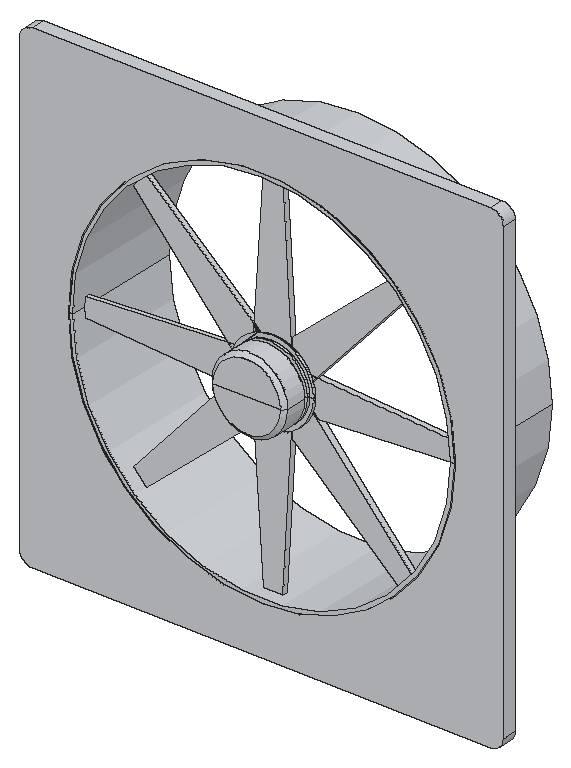
Revit family "CADS_Vent-Axia_MechEquip_Fan_VSP_SabreSicklePlate_1Ph6P - SUPPLY", category Mechanical Equipment, Revit 2020
Family settings
  Round Connector Dimension = Use Diameter
  Part Type = Normal
  OmniClass Number = 23.75.00.00
  OmniClass Title = Climate Control (HVAC)
  Work Plane-Based = No
  Always vertical = Yes
  Cut with Voids When Loaded = No
  Shared = No
  Room Calculation Point = No
Parameters (values of type "VSP45016B")
  WorkingPressure = 0.0 Pa
  WarrantyStartDate [instance] = "1900-12-31T23:59:59"
  WarrantyPeriod = ""
  WarrantyIdentifier = "N/A"
  WarrantyGuarantorParts = "tech@vent-axia.com"
  WarrantyGuarantorLabor = "tech@vent-axia.com"
  WarrantyGuarantor = "Vent-Axia Limited"
  WarrantyEndDate [instance] = "1900-12-31T23:59:59"
  WarrantyContent = ""
  TemperatureRange = ""
  TagNumber [instance] = "N/A"
  SustainabilityPerformance = ""
  Status = "New"
  Size = ""
  Shape = ""
  ServiceLifeType = ""
  ServiceLifeDuration = ""
  SerialNumber [instance] = "N/A"
  ReplacementCost = ""
  RatedVoltage = 0 V
  RatedCurrent = 0 A
  Quantity = 1
  ProductionYear = ""
  PressureCurve = ""
  PowerFactor = ""
  PointOfContact = ""
  NumberOfPoles = 0
  NominalWidth = 575 mm
  NominalLength = 143.5 mm
  NominalHeight = 450 mm
  NominalFrequencyRange = ""
  NominalDiameter = 450 mm
  ModelReference = "450MM 1PH 6P SICKLE FAN FN045-6EQ.4F.A7P1 169509"
  ModelNumber = "VSP45016B"
  Material = ""
  ManufacturerE-Mail = "tech@vent-axia.com"
  ManufacturerAddress = "Fleming Way\nCrawley \nRH10 9YX"
  IsExtendedWarranty = no
  InsulationStandardClass = ""
  InstallationDate [instance] = "1900-12-31T23:59:59"
  IfcExportType [instance] = ""
  IfcExportAs = "IfcFanType"
  IP_Code = ""
  HasProtectiveEarth = no
  GrossWeight = 0.00 kg
  Grade = ""
  GlobalTradeItemNumber [instance] = "N/A"
  G = 17 mm
  Fitting Type = "Ignore"
  Finish = ""
  Features = ""
  ExteriorInsulation = no
  ExpectedServiceLife = 0
  Exclusions = ""
  E = 34 mm
  DurationUnit = "Year"
  Default Elevation = 0 mm
  Constituents = ""
  ConductorFunction = ""
  Color = ""
  CodePerformance = ""
  Category = ""
  CADS_Usage = 0
  CADS_Index = 0
  AssetType = "FIXED"
  AssetIdentifier [instance] = "N/A"
  AssemblyPlace = "UNKNOWN"
  ArticleNumber [instance] = "N/A"
  AirflowRateRange = 0.0 L/s
  Air Flow [instance] = 0.0 L/s
  AccessibilityPerformance = ""
  A = NominalWidth  # 575 mm
Types (5, lengths in mm): name | NominalWidth | NominalLength | NominalHeight | NominalDiameter | ModelReference | ModelNumber | A
  VSP45016B | 575 | 143.5 | 450 | 450 | "450MM 1PH 6P SICKLE FAN FN045-6EQ.4F.A7P1 169509" | "VSP45016B" | 575
  VSP50016B | 655 | 141.5 | 500 | 500 | "500MM 1PH 6P SICKLE FAN FN045-6EQ.4F.A7P1 169511" | "VSP50016B" | 655
  VSP56016B | 725 | 162.5 | 560 | 560 | "560MM 1PH 6P SICKLE FAN FN056-6EQ.4I.A7P2 169514" | "VSP56016B" | 725
  VSP63016B | 725 | 159.5 | 630 | 630 | "630MM 1PH 6P SICKLE FAN FN063-6EQ.4M.A7P1 169515" | "VSP63016B" | 725
  VSP71016A | 850 | 201.5 | 710 | 710 | "OWLET SICKLE PLATE FAN 710 DIA 1 PH 6 POLE" | "VSP71016A" | 850
Reference planes
  plane 1 "Center (Front/Back)": y = 0
  plane 2: z = 0
  plane 3 "Center (Left/Right)": x = 0
  plane 4: x = -225
  plane 5: x = 225
  plane 6 "F": y = -17
  plane 7 "B": y = 126.5
  plane 8: x = -287.5
  plane 9: x = -230
  plane 10 "top": z = 225
  plane 11: z = -225
  plane 12: x = 287.5
  plane 13: z = 287.5
  plane 14: z = -287.5
Forms (mm)
  Revolve 1, solid
    sketch origin (0, 0, 0) x (1, 0, 0) y (0, 1, 0)
      loop
        line (-230, -17) -> (-225, -17) -> (-225, 126.5) -> (-230, 126.5) -> (-230, -17)
      axis (0, 126.5) -> (0, -17)
    angle from 0 to 360
  Extrusion 2, solid
    sketch origin (0, 0, 0) x (1, 0, 0) y (0, 0, 1)
      loop
        arc (-272.5, 287.5) -> (-283.107, 283.107) -> (-287.5, 272.5) r 15
        line (-287.5, 272.5) -> (-287.5, -272.5)
        arc (-287.5, -272.5) -> (-283.107, -283.107) -> (-272.5, -287.5) r 15
        line (-272.5, -287.5) -> (272.5, -287.5)
        arc (272.5, -287.5) -> (283.107, -283.107) -> (287.5, -272.5) r 15
        line (287.5, -272.5) -> (287.5, 272.5)
        arc (287.5, 272.5) -> (283.107, 283.107) -> (272.5, 287.5) r 15
        line (272.5, 287.5) -> (-272.5, 287.5)
      loop
        circle (0, 0) r 230
    from 0 to 17 <- "G"
Dimensions and locks
  equal spacing: plane 4, plane 3 "Center (Left/Right)", plane 5
  "NominalLength": plane 7 "B" to plane 6 "F"
  "NominalDiameter": plane 4 to plane 5
  locked: plane 9 to plane 4 at 5
  equal spacing: plane 10 "top", level, plane 11
  "NominalDiameter": plane 10 "top" to plane 11
  equal spacing: plane 12, plane 3 "Center (Left/Right)", plane 8
  "A": plane 12 to plane 8
  equal spacing: plane 13, level, plane 14
  "A": plane 13 to plane 14
  "G": plane 6 "F" to plane 1 "Center (Front/Back)"
  aligned and locked: level to plane 2
  aligned and locked: Extrusion 2 sketch curve to Revolve 1  (x2)
Automatic sketch dimensions
  plane 6 "F" to Revolve 1 sketch curve = 0 mm
  Revolve 1 sketch curve to plane 4 = 0 mm
  Revolve 1 sketch curve to plane 3 "Center (Left/Right)" = 0 mm
  plane 1 "Center (Front/Back)" to Revolve 1 sketch curve = 0 mm
  Revolve 1 sketch curve to plane 7 "B" = 0 mm
  plane 6 "F" to Revolve 1 sketch curve = 115 mm
  Revolve 1 sketch curve to plane 9 = 0 mm
  Extrusion 2 sketch curve to plane 8 = 0 mm
  Extrusion 2 sketch curve to plane 13 = 0 mm
  Extrusion 2 sketch curve to plane 14 = 0 mm
  plane 12 to Extrusion 2 sketch curve = 0 mm
  plane 8 to Extrusion 2 sketch curve = 15 mm  (x2)
  plane 12 to Extrusion 2 sketch curve = 15 mm  (x2)
Nested families
  nested 1: "Fan for ESP" at (0, 0, 0), ND <- "NominalDiameter", BE <- "E", type "Fan for ESP"
    with hub 45 mm, ND 450 mm, BoltPCD 36 mm, Bolt Count 6, B_Diam 5 mm, BE 34 mm
  nested 2: "ESC Blade" at (0, 0, 0), type "ESC Blade"
    with a 20.00°, HR 45 mm, HD 90 mm, BT 22.5 mm, BR 180 mm, BH 40 mm, BD 450 mm, BB 45 mm
  nested 3: "ESC Blade" at (0, 0, 0) x (0.7071, 0, -0.7071) z (0.7071, 0, 0.7071), type "ESC Blade"
    with a 20.00°, HR 45 mm, HD 90 mm, BT 22.5 mm, BR 180 mm, BH 40 mm, BD 450 mm, BB 45 mm
  nested 4: "ESC Blade" at (0, 0, 0) x (0, 0, -1) z (1, 0, 0), type "ESC Blade"
    with a 20.00°, HR 45 mm, HD 90 mm, BT 22.5 mm, BR 180 mm, BH 40 mm, BD 450 mm, BB 45 mm
  nested 5: "ESC Blade" at (0, 0, 0) x (-0.7071, 0, -0.7071) z (0.7071, 0, -0.7071), type "ESC Blade"
    with a 20.00°, HR 45 mm, HD 90 mm, BT 22.5 mm, BR 180 mm, BH 40 mm, BD 450 mm, BB 45 mm
  nested 6: "ESC Blade" at (0, 0, 0) x (-1, 0, 0) z (0, 0, -1), type "ESC Blade"
    with a 20.00°, HR 45 mm, HD 90 mm, BT 22.5 mm, BR 180 mm, BH 40 mm, BD 450 mm, BB 45 mm
  nested 7: "ESC Blade" at (0, 0, 0) x (-0.7071, 0, -0.7071) z (-0.7071, 0, 0.7071), type "ESC Blade"
    with a 20.00°, HR 45 mm, HD 90 mm, BT 22.5 mm, BR 180 mm, BH 40 mm, BD 450 mm, BB 45 mm
  nested 8: "ESC Blade" at (0, 0, 0) x (0, 0, -1) z (-1, 0, 0), type "ESC Blade"
    with a 20.00°, HR 45 mm, HD 90 mm, BT 22.5 mm, BR 180 mm, BH 40 mm, BD 450 mm, BB 45 mm
  nested 9: "ESC Blade" at (0, 0, 0) x (0.7071, 0, -0.7071) z (-0.7071, 0, -0.7071), type "ESC Blade"
    with a 20.00°, HR 45 mm, HD 90 mm, BT 22.5 mm, BR 180 mm, BH 40 mm, BD 450 mm, BB 45 mm
Connectors
  hvac at (0, -17, 0), driven by "NominalDiameter", driven by "Air Flow"
    settings: on Revolve 1, index 1, duct flow 0.0 L/s, flow factor 0, pres drop 0.0 Pa, loss coef 0, conn angle 0.00°, conn width 304.8 mm, conn height 304.8 mm, conn diameter 450 mm, duct sys type 1, conn prof type 0, flow config 0, flow direction 1, loss method 0, conn ref index -1, conn util no, is conn primary yes, conn desc ""
  hvac at (0, 126.5, 0), driven by "NominalDiameter", driven by "Air Flow"
    settings: on Revolve 1, index 2, duct flow 0.0 L/s, flow factor 0, pres drop 0.0 Pa, loss coef 0, conn angle 0.00°, conn width 304.8 mm, conn height 304.8 mm, conn diameter 450 mm, duct sys type 1, conn prof type 0, flow config 1, flow direction 2, loss method 0, conn ref index -1, conn util no, is conn primary no, conn desc ""
Definition of nested family "Fan for ESP"
  Parameters (values of type "Fan for ESP")
    hub [instance] = ND / 10  # 25.1 mm
    ND [instance] = 251 mm
    Model = "."
    Default Elevation = 0 mm
    BoltPCD [instance] = hub - (hub * 0.2)  # 20.08 mm
    Bolt Count [instance] = if(hub < 50 mm, 6, 8)  # 6
    B_Diam [instance] = if(hub < 50 mm, 5 mm, 10 mm)  # 5 mm
    BE [instance] = 84 mm
  Reference planes
    plane 1 "Center (Front/Back)": y = 0
    plane 2: z = 0
    plane 3 "Center (Left/Right)": x = 0
    plane 4 "back": y = 20
    plane 5 "boss": y = -89
    plane 6 "B": z = 25.1
    plane 7: x = -30.1
    plane 8: x = -25.1
    plane 9 "hubface": y = -5
    plane 10: x = -20.1
    plane 11: y = -84
  Forms (mm)
    Revolve 1, solid
      sketch origin (0, 0, 0) x (1, 0, 0) y (0, 1, 0)
        loop
          line (0, -5) -> (0, 10.504) -> (-30.1, 10.504) -> (-30.1, -2.597) -> (-25.1, -2.597) -> (-25.1, -5) -> (0, -5)
        axis (0, 10.504) -> (0, -5)
      angle from 0 to 360
    Extrusion 2, solid, not visible
      sketch origin (0, -6.347, -4) x (-1, 0, 0) y (0, 0, 1)
        loop
          circle (0, 84) r 5
      from 0 to 3
    Revolve 3, solid
      sketch origin (0, 0, 0) x (1, 0, 0) y (0, 1, 0)
        loop
          line (-20.1, -5) -> (-25.1, -10) -> (-25.1, -84) -> (-20.1, -89) -> (0, -89) -> (0, -5) -> (-20.1, -5)
        axis (0, -5) -> (0, -89)
      angle from 0 to 360
  Lines and regions (mm)
    symbolic lines
      curve 1: circle (0, -89, 0) r 20.08 normal (0, 1, 0)
    model lines, not visible
      curve 2: line (0, -6.347, 85) -> (0, -6.347, 75)
  Dimensions and locks
    "hub": plane 6 "B" to plane 2
    "hub": nested 3 to plane 3 "Center (Left/Right)"
    "hub": nested 4 to plane 3 "Center (Left/Right)"
    "hub": nested 5 to plane 3 "Center (Left/Right)"
    "hub": plane 3 "Center (Left/Right)" to nested 6
    "hub": plane 3 "Center (Left/Right)" to nested 7
    "hub": plane 3 "Center (Left/Right)" to nested 8
    "hub": plane 3 "Center (Left/Right)" to nested 9
    "hub": plane 8 to plane 3 "Center (Left/Right)"
    plane 7 to plane 8 = 5 mm
    "BE": plane 5 "boss" to plane 9 "hubface"
    locked: plane 11 to plane 5 "boss" at 5
    plane 8 to plane 10 = 5 mm
    locked: plane 9 "hubface" to plane 1 "Center (Front/Back)" at 5
    diameter of Extrusion 2 sketch curve = 10 mm
    "BoltPCD": radius of curve 1
    aligned and locked: level to plane 2
    aligned and locked: plane 6 "B" to nested 1
  Automatic sketch dimensions
    Revolve 1 sketch curve to plane 7 = 0 mm
    Revolve 1 sketch curve to plane 8 = 0 mm
    Revolve 1 sketch curve to plane 3 "Center (Left/Right)" = 0 mm  (x2)
    Revolve 1 sketch curve to plane 9 "hubface" = 0 mm
    plane 1 "Center (Front/Back)" to Revolve 1 sketch curve = 2.597 mm
    plane 4 "back" to Revolve 1 sketch curve = 5 mm
    plane 4 "back" to Revolve 1 sketch curve = 9.496 mm
    Revolve 1 sketch curve to Revolve 1 sketch curve = 54.496 mm
    Revolve 3 sketch curve to plane 8 = 0 mm
    Revolve 3 sketch curve to plane 5 "boss" = 0 mm
    Revolve 3 sketch curve to plane 10 = 0 mm  (x2)
    Revolve 3 sketch curve to plane 9 "hubface" = 0 mm
    Revolve 3 sketch curve to plane 3 "Center (Left/Right)" = 0 mm  (x2)
    Revolve 3 sketch curve to plane 11 = 0 mm
    Revolve 3 sketch curve to plane 9 "hubface" = 5 mm
    plane 4 "back" to Revolve 3 sketch curve = 4.08 mm
    Revolve 3 sketch curve to plane 4 "back" = 3.828 mm
    curve 1 to level = 0 mm
    curve 1 to plane 3 "Center (Left/Right)" = 0 mm
  Nested families
    nested 1: "ESC Blade" at (0, 0, 0), BD <- "ND", HD <- "hub", type "ESC Blade"
      with a 20.00°, HR 25.1 mm, HD 50.2 mm, BT 12.55 mm, BR 100.4 mm, BH 40 mm, BD 251 mm, BB 25.1 mm
    nested 2: "ESC Blade" at (0, 0, 755), BD <- "ND", HD <- "hub", type "ESC Blade", not visible
      with a 20.00°, HR 25.1 mm, HD 50.2 mm, BT 12.55 mm, BR 100.4 mm, BH 40 mm, BD 251 mm, BB 25.1 mm
    nested 3: "ESC Blade" at (0, 0, 0) x (0.7071, 0, -0.7071) z (0.7071, 0, 0.7071), BD <- "ND", HD <- "hub", type "ESC Blade"
      with a 20.00°, HR 25.1 mm, HD 50.2 mm, BT 12.55 mm, BR 100.4 mm, BH 40 mm, BD 251 mm, BB 25.1 mm
    nested 4: "ESC Blade" at (0, 0, 0) x (0, 0, -1) z (1, 0, 0), BD <- "ND", HD <- "hub", type "ESC Blade"
      with a 20.00°, HR 25.1 mm, HD 50.2 mm, BT 12.55 mm, BR 100.4 mm, BH 40 mm, BD 251 mm, BB 25.1 mm
    nested 5: "ESC Blade" at (0, 0, 0) x (-0.7071, 0, -0.7071) z (0.7071, 0, -0.7071), BD <- "ND", HD <- "hub", type "ESC Blade"
      with a 20.00°, HR 25.1 mm, HD 50.2 mm, BT 12.55 mm, BR 100.4 mm, BH 40 mm, BD 251 mm, BB 25.1 mm
    nested 6: "ESC Blade" at (0, 0, 0) x (-1, 0, 0) z (0, 0, -1), BD <- "ND", HD <- "hub", type "ESC Blade"
      with a 20.00°, HR 25.1 mm, HD 50.2 mm, BT 12.55 mm, BR 100.4 mm, BH 40 mm, BD 251 mm, BB 25.1 mm
    nested 7: "ESC Blade" at (0, 0, 0) x (-0.7071, 0, -0.7071) z (-0.7071, 0, 0.7071), BD <- "ND", HD <- "hub", type "ESC Blade"
      with a 20.00°, HR 25.1 mm, HD 50.2 mm, BT 12.55 mm, BR 100.4 mm, BH 40 mm, BD 251 mm, BB 25.1 mm
    nested 8: "ESC Blade" at (0, 0, 0) x (0, 0, -1) z (-1, 0, 0), BD <- "ND", HD <- "hub", type "ESC Blade"
      with a 20.00°, HR 25.1 mm, HD 50.2 mm, BT 12.55 mm, BR 100.4 mm, BH 40 mm, BD 251 mm, BB 25.1 mm
    nested 9: "ESC Blade" at (0, 0, 0) x (0.7071, 0, -0.7071) z (-0.7071, 0, -0.7071), BD <- "ND", HD <- "hub", type "ESC Blade"
      with a 20.00°, HR 25.1 mm, HD 50.2 mm, BT 12.55 mm, BR 100.4 mm, BH 40 mm, BD 251 mm, BB 25.1 mm
  Definition of nested family "ESC Blade"
    Parameters (values of type "ESC Blade")
      a [instance] = 20.00°
      HR [instance] = HD / 2  # 30 mm
      HD [instance] = BD / 5  # 60 mm
      Default Elevation = 1219.2 mm
      BT [instance] = BD / 20  # 15 mm
      BR [instance] = (BD / 2) - HR  # 120 mm
      BH [instance] = 40 mm
      BD [instance] = 300 mm
      BB [instance] = BD / 10  # 30 mm
    Reference planes
      plane 1 "Center (Front/Back)": y = 0
      plane 2: z = 0
      plane 3 "Center (Left/Right)": x = 0
      plane 4 "Blade Bot": z = 30
      plane 5: x = -15
      plane 6: x = 15
      plane 7: x = -7.5
      plane 8: x = 7.5
    Forms (mm)
      Blend 1, solid
        base sketch origin (0, 0, 30) x (-1, 0, 0) y (0, -1, 0)
          loop
            line (15, 0) -> (-15, 0) -> (-15, -6) -> (15, -6) -> (15, 0)
        top sketch origin (0, 0, 30) x (-1, 0, 0) y (0, -1, 0)
          loop
            line (7.5, -6) -> (7.5, 0) -> (-7.5, 0) -> (-7.5, -6) -> (7.5, -6)
        from 0 to 120 <- "BR"
    Dimensions and locks
      "HR": plane 4 "Blade Bot" to level
      equal spacing: plane 8, plane 3 "Center (Left/Right)", plane 7
      "BT": plane 8 to plane 7
      equal spacing: plane 6, plane 3 "Center (Left/Right)", plane 5
      "BB": plane 6 to plane 5
      aligned and locked: level to plane 2
    Automatic sketch dimensions
      plane 1 "Center (Front/Back)" to Blend 1 sketch curve = 0 mm  (x2)
      Blend 1 sketch curve to plane 6 = 0 mm
      Blend 1 sketch curve to plane 5 = 0 mm
      Blend 1 sketch curve to plane 1 "Center (Front/Back)" = 6 mm  (x2)
      Blend 1 sketch curve to plane 8 = 0 mm
      Blend 1 sketch curve to plane 7 = 0 mm
Definition of nested family "ESC Blade"
  Parameters (values of type "ESC Blade")
    a [instance] = 20.00°
    HR [instance] = HD / 2  # 30 mm
    HD [instance] = BD / 5  # 60 mm
    Default Elevation = 1219.2 mm
    BT [instance] = BD / 20  # 15 mm
    BR [instance] = (BD / 2) - HR  # 120 mm
    BH [instance] = 40 mm
    BD [instance] = 300 mm
    BB [instance] = BD / 10  # 30 mm
  Reference planes
    plane 1 "Center (Front/Back)": y = 0
    plane 2: z = 0
    plane 3 "Center (Left/Right)": x = 0
    plane 4 "Blade Bot": z = 30
    plane 5: x = -15
    plane 6: x = 15
    plane 7: x = -7.5
    plane 8: x = 7.5
  Forms (mm)
    Blend 1, solid
      base sketch origin (0, 0, 30) x (-1, 0, 0) y (0, -1, 0)
        loop
          line (15, 0) -> (-15, 0) -> (-15, -6) -> (15, -6) -> (15, 0)
      top sketch origin (0, 0, 30) x (-1, 0, 0) y (0, -1, 0)
        loop
          line (7.5, -6) -> (7.5, 0) -> (-7.5, 0) -> (-7.5, -6) -> (7.5, -6)
      from 0 to 120 <- "BR"
  Dimensions and locks
    "HR": plane 4 "Blade Bot" to level
    equal spacing: plane 8, plane 3 "Center (Left/Right)", plane 7
    "BT": plane 8 to plane 7
    equal spacing: plane 6, plane 3 "Center (Left/Right)", plane 5
    "BB": plane 6 to plane 5
    aligned and locked: level to plane 2
  Automatic sketch dimensions
    plane 1 "Center (Front/Back)" to Blend 1 sketch curve = 0 mm  (x2)
    Blend 1 sketch curve to plane 6 = 0 mm
    Blend 1 sketch curve to plane 5 = 0 mm
    Blend 1 sketch curve to plane 1 "Center (Front/Back)" = 6 mm  (x2)
    Blend 1 sketch curve to plane 8 = 0 mm
    Blend 1 sketch curve to plane 7 = 0 mm
